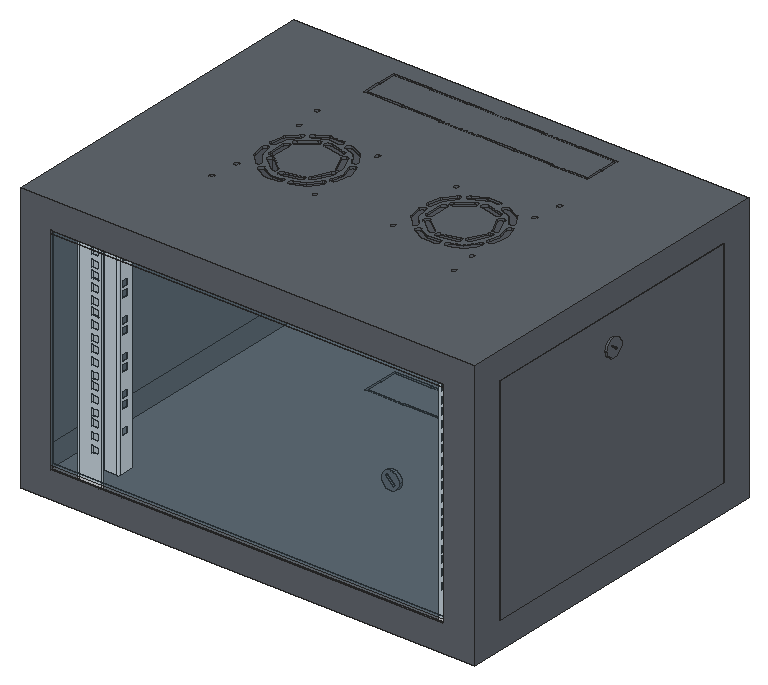
Revit family "Fix wallmount cabinets Legrand Linkeo with removable side panel", category Equipement spécialisé, Revit 2020
Family settings
  Cote de connecteur circulaire = Utiliser le diamètre
  Type d'élément = Normal
  Numéro OmniClass = 23.80.30.11.17
  Titre OmniClass = Distribution Boards and Control Panels
  Basée sur le plan de construction = Non
  Toujours verticalement = Oui
  Couper avec des vides une fois chargée = Non
  Partagée = Oui
  Point de calcul de pièce = Non
Parameters (values of type "Fix wallmount cabinet Legrand Linkeo 6U W600 D450 Flatpack 646250.rfa")
  Y fixation = 152.00 mm
  X fixation = 400.00 mm
  With sidewall = yes
  With roof plate = yes
  With earthing = yes
  Usable width (mm) = 527.00 mm
  Usable height (mm) = 288.00 mm
  Type of ventilation = "Passive"
  Type of surface = "Powder coating"
  Type of profile rail = "L-shaped"
  Rack location = 40.00 mm
  RAL Number = "7016"
  Number of height units = 6
  Number of doors = "1"
  Mounting level = "Front side"
  Modular spacing = "IDS_482.6_MM_19_POUCES"
  Model = "With permanent frame"
  Max load capacity = "18"
  Material = "Steel"
  Legrand part number = "646250"
  Function = "Fix wallmount cabinets Linkeo Legrand"
  E-catalogue link = "https://www.legrand.fr/reference/646250/pro"
  Depth (mm) = 458.00 mm
  Width (mm) = 608.00 mm
  Height (mm) = 359.00 mm
  Thickness (mm) = 1.50 mm
  Elévation par défaut = 0.00 mm
  EAN = "3414970968012"
  Demountable = yes
  Degree of protection IP = "IP20"
  Degree of protection IK = "IK08"
  Color = IDS_GRIS
  BIM wording = "Fix wallmount cabinet Legrand Linkeo 6U W600 D450 Flatpack 646250.rfa"
  Avec porte frontale = yes
  Application class = "Network cabinets"
Reference planes
  plane 1 "Centre (avant/arrière)": y = 4
  plane 2: z = 0
  plane 3 "Centre (gauche/droite)": x = 0
  plane 4: x = 608
  plane 5: z = 359
  plane 6: y = -454
  plane 7: x = 40.5
  plane 8: x = 567.5
  plane 9: x = 304
  plane 10: z = 323.5
  plane 11: z = 35.5
  plane 12: z = 179.5
  plane 13: y = -452
  plane 14: x = 304
  plane 15: y = -444.5
  plane 16: y = 455.094
  plane 17: x = 1428.928
  plane 18: z = -485.313
  plane 19: x = 2466.566
  plane 20: z = 179.5
  plane 21: x = 302.5
  plane 22: z = 103.5
  plane 23: z = 255.5
  plane 24: x = 504
  plane 25: x = 104
  plane 26: x = 304
  plane 27: y = -414
  plane 28: x = 528
  plane 29: y = -412.5
  plane 30: x = 559.5
  plane 31: x = 561
  plane 32: y = -373.5
  plane 33: y = -372
  plane 34: x = 537.5
  plane 35: x = 539
  plane 36: y = -352
  plane 37: z = 46.65
  plane 38: z = 56.15
  plane 39: x = 531.5
  plane 40: x = 541
  plane 41: z = 78.4
  plane 42: z = 87.9
  plane 43: y = -358.486
  plane 44: y = -367.986
  plane 45: z = 72.03
  plane 46: z = 62.53
  plane 47: x = 77
  plane 48: y = -412.5
  plane 49: y = -373.5
  plane 50: y = -372
  plane 51: x = 67.5
  plane 52: x = 66
  plane 53: y = -352
  plane 54: z = 40.5
  plane 55: z = 324
  plane 56: z = 179.5
  plane 57: y = -454
  plane 58: y = -36
  plane 59: z = 35
  plane 60: y = -414
  plane 61 "Panneaux gauche": y = -410.5
  plane 62 "Panneaux droit": y = -39.5
  plane 63 "Panneaux haut": z = 322
  plane 64: z = 282
  plane 65: z = 282
  plane 66: y = -225
  plane 67: y = -225
  plane 68: y = -221
Forms (mm)
  Extrusion 1, solid, material "IDS_GRIS" <- "Color"
    sketch origin (0, 0, 0) x (0, 1, 0) y (0, 0, 1)
      loop
        line (-454, 0) -> (4, 0) -> (4, 359) -> (-454, 359) -> (-454, 0)
    from 0 to 608
  Extrusion 2, void
    sketch origin (0, 4, 0) x (1, 0, 0) y (0, 0, 1)
      loop
        line (2, 357) -> (2, 2) -> (606, 2) -> (606, 357) -> (2, 357)
    from 2 to 456
  Extrusion 3, void
    sketch origin (0, 4, 0) x (1, 0, 0) y (0, 0, 1)
      loop
        line (40.5, 323.5) -> (40.5, 35.5) -> (567.5, 35.5) -> (567.5, 323.5) -> (40.5, 323.5)
    from 0 to 458
  Extrusion 4, solid, material "Verre"
    sketch origin (0, 4, 0) x (1, 0, 0) y (0, 0, 1)
      loop
        line (40.5, 40.5) -> (567.5, 40.5) -> (567.5, 318.5) -> (40.5, 318.5) -> (40.5, 40.5)
    from 453 to 458
  Extrusion 5, solid, material "IDS_GRIS" <- "Color"
    sketch origin (0, 4, 0) x (1, 0, 0) y (0, 0, 1)
      loop
        line (40.5, 318.5) -> (40.5, 40.5) -> (567.5, 40.5) -> (567.5, 318.5) -> (40.5, 318.5)
    from 0 to 5
  Extrusion 6, void
    sketch origin (-365.695, -1524, 359) x (0, -1, 0) y (-1, 0, 0)
      loop
        line (-1350.513, -534.853) -> (-1358.354, -549.371)
        arc (-1358.354, -549.371) -> (-1358.749, -550.408) -> (-1358.863, -551.511) r 4.25
        line (-1358.863, -551.511) -> (-1358.394, -568.003)
        arc (-1358.394, -568.003) -> (-1354.026, -572.132) -> (-1349.897, -567.763) r 4.25
        line (-1349.897, -567.763) -> (-1350.334, -552.408) -> (-1343.033, -538.89)
        arc (-1343.033, -538.89) -> (-1344.755, -533.132) -> (-1350.513, -534.853) r 4.25
      loop
        line (-1354.904, -582.413) -> (-1348.443, -597.593)
        arc (-1348.443, -597.593) -> (-1347.879, -598.55) -> (-1347.086, -599.327) r 4.25
        line (-1347.086, -599.327) -> (-1333.9, -609.243)
        arc (-1333.9, -609.243) -> (-1327.948, -608.402) -> (-1328.79, -602.45) r 4.25
        line (-1328.79, -602.45) -> (-1341.067, -593.218) -> (-1347.082, -579.087)
        arc (-1347.082, -579.087) -> (-1352.657, -576.837) -> (-1354.904, -582.413) r 4.25
      loop
        line (-1346.169, -561.222) -> (-1341.018, -583.429)
        arc (-1341.018, -583.429) -> (-1335.919, -586.613) -> (-1332.738, -581.512) r 4.25
        line (-1332.738, -581.512) -> (-1337.889, -559.301)
        arc (-1337.889, -559.301) -> (-1342.989, -556.121) -> (-1346.169, -561.222) r 4.25
      loop
        line (-1331.58, -595.457) -> (-1311.006, -605.276)
        arc (-1311.006, -605.276) -> (-1305.336, -603.272) -> (-1307.347, -597.604) r 4.25
        line (-1307.347, -597.604) -> (-1327.918, -587.786)
        arc (-1327.918, -587.786) -> (-1333.585, -589.791) -> (-1331.58, -595.457) r 4.25
      loop
        line (-1303.383, -611.418) -> (-1318.185, -607.309)
        arc (-1318.185, -607.309) -> (-1323.416, -610.266) -> (-1320.461, -615.498) r 4.25
        line (-1320.461, -615.498) -> (-1304.557, -619.913)
        arc (-1304.557, -619.913) -> (-1303.461, -620.067) -> (-1302.362, -619.933) r 4.25
        line (-1302.362, -619.933) -> (-1286.384, -615.805)
        arc (-1286.384, -615.805) -> (-1283.332, -610.627) -> (-1288.51, -607.575) r 4.25
        line (-1288.51, -607.575) -> (-1303.383, -611.418)
      loop
        line (-1295.717, -605.396) -> (-1275.215, -595.434)
        arc (-1275.215, -595.434) -> (-1273.245, -589.752) -> (-1278.93, -587.789) r 4.25
        line (-1278.93, -587.789) -> (-1299.432, -597.751)
        arc (-1299.432, -597.751) -> (-1301.397, -603.431) -> (-1295.717, -605.396) r 4.25
      loop
        line (-1258.363, -597.811) -> (-1251.63, -582.747)
        arc (-1251.63, -582.747) -> (-1253.777, -577.132) -> (-1259.391, -579.283) r 4.25
        line (-1259.391, -579.283) -> (-1265.658, -593.302) -> (-1278.099, -602.313)
        arc (-1278.099, -602.313) -> (-1279.048, -608.248) -> (-1273.113, -609.197) r 4.25
        line (-1273.113, -609.197) -> (-1259.754, -599.522)
        arc (-1259.754, -599.522) -> (-1258.946, -598.758) -> (-1258.363, -597.811) r 4.25
      loop
        line (-1265.586, -583.55) -> (-1260.592, -561.312)
        arc (-1260.592, -561.312) -> (-1263.806, -556.231) -> (-1268.885, -559.448) r 4.25
        line (-1268.885, -559.448) -> (-1273.88, -581.692)
        arc (-1273.88, -581.692) -> (-1270.662, -586.771) -> (-1265.586, -583.55) r 4.25
      loop
        line (-1256.301, -552.513) -> (-1257.013, -567.863)
        arc (-1257.013, -567.863) -> (-1252.962, -572.301) -> (-1248.522, -568.252) r 4.25
        line (-1248.522, -568.252) -> (-1247.757, -551.774)
        arc (-1247.757, -551.774) -> (-1247.85, -550.666) -> (-1248.227, -549.621) r 4.25
        line (-1248.227, -549.621) -> (-1255.806, -534.964)
        arc (-1255.806, -534.964) -> (-1261.536, -533.142) -> (-1263.354, -538.873) r 4.25
        line (-1263.354, -538.873) -> (-1256.301, -552.513)
      loop
        line (-1263.875, -546.382) -> (-1278.15, -528.609)
        arc (-1278.15, -528.609) -> (-1284.127, -527.949) -> (-1284.782, -533.927) r 4.25
        line (-1284.782, -533.927) -> (-1270.506, -551.699)
        arc (-1270.506, -551.699) -> (-1264.532, -552.357) -> (-1263.875, -546.382) r 4.25
      loop
        line (-1265.201, -523.497) -> (-1277.606, -512.626)
        arc (-1277.606, -512.626) -> (-1278.527, -512.009) -> (-1279.576, -511.652) r 4.25
        line (-1279.576, -511.652) -> (-1295.774, -508.436)
        arc (-1295.774, -508.436) -> (-1300.766, -511.785) -> (-1297.416, -516.776) r 4.25
        line (-1297.416, -516.776) -> (-1282.356, -519.766) -> (-1270.803, -529.89)
        arc (-1270.803, -529.89) -> (-1264.806, -529.494) -> (-1265.201, -523.497) r 4.25
      loop
        line (-1310.597, -508.634) -> (-1326.831, -511.555)
        arc (-1326.831, -511.555) -> (-1327.888, -511.892) -> (-1328.821, -512.492) r 4.25
        line (-1328.821, -512.492) -> (-1341.424, -523.142)
        arc (-1341.424, -523.142) -> (-1341.927, -529.131) -> (-1335.938, -529.634) r 4.25
        line (-1335.938, -529.634) -> (-1324.205, -519.719) -> (-1309.084, -516.998)
        arc (-1309.084, -516.998) -> (-1305.657, -512.059) -> (-1310.597, -508.634) r 4.25
      loop
        line (-1291.875, -521.865) -> (-1314.672, -521.944)
        arc (-1314.672, -521.944) -> (-1318.91, -526.21) -> (-1314.64, -530.444) r 4.25
        line (-1314.64, -530.444) -> (-1291.846, -530.365)
        arc (-1291.846, -530.365) -> (-1287.611, -526.1) -> (-1291.875, -521.865) r 4.25
      loop
        line (-1328.501, -528.473) -> (-1342.652, -546.345)
        arc (-1342.652, -546.345) -> (-1341.958, -552.316) -> (-1335.988, -551.622) r 4.25
        line (-1335.988, -551.622) -> (-1321.835, -533.747)
        arc (-1321.835, -533.747) -> (-1322.53, -527.775) -> (-1328.501, -528.473) r 4.25
      loop
        line (-1248.227, -759.621) -> (-1255.806, -744.964)
        arc (-1255.806, -744.964) -> (-1261.535, -743.142) -> (-1263.354, -748.873) r 4.25
        line (-1263.354, -748.873) -> (-1256.301, -762.513) -> (-1257.013, -777.862)
        arc (-1257.013, -777.862) -> (-1252.962, -782.301) -> (-1248.522, -778.252) r 4.25
        line (-1248.522, -778.252) -> (-1247.757, -761.774)
        arc (-1247.757, -761.774) -> (-1247.85, -760.666) -> (-1248.227, -759.621) r 4.25
      loop
        line (-1258.363, -807.811) -> (-1251.63, -792.747)
        arc (-1251.63, -792.747) -> (-1253.777, -787.132) -> (-1259.391, -789.283) r 4.25
        line (-1259.391, -789.283) -> (-1265.658, -803.302) -> (-1278.099, -812.313)
        arc (-1278.099, -812.313) -> (-1279.048, -818.248) -> (-1273.113, -819.197) r 4.25
        line (-1273.113, -819.197) -> (-1259.75, -809.519)
        arc (-1259.75, -809.519) -> (-1258.944, -808.756) -> (-1258.363, -807.811) r 4.25
      loop
        line (-1288.506, -817.574) -> (-1303.383, -821.418) -> (-1318.185, -817.309)
        arc (-1318.185, -817.309) -> (-1323.416, -820.264) -> (-1320.464, -825.498) r 4.25
        line (-1320.464, -825.498) -> (-1304.567, -829.911)
        arc (-1304.567, -829.911) -> (-1303.467, -830.067) -> (-1302.365, -829.934) r 4.25
        line (-1302.365, -829.934) -> (-1286.38, -825.804)
        arc (-1286.38, -825.804) -> (-1283.332, -820.627) -> (-1288.506, -817.574) r 4.25
      loop
        line (-1328.79, -812.45) -> (-1341.067, -803.218) -> (-1347.082, -789.087)
        arc (-1347.082, -789.087) -> (-1352.657, -786.837) -> (-1354.904, -792.413) r 4.25
        line (-1354.904, -792.413) -> (-1348.442, -807.595)
        arc (-1348.442, -807.595) -> (-1347.878, -808.55) -> (-1347.086, -809.327) r 4.25
        line (-1347.086, -809.327) -> (-1333.898, -819.244)
        arc (-1333.898, -819.244) -> (-1327.947, -818.401) -> (-1328.79, -812.45) r 4.25
      loop
        line (-1353.399, -777.863) -> (-1353.663, -768.573) -> (-1343.034, -748.892)
        arc (-1343.034, -748.892) -> (-1344.753, -743.134) -> (-1350.511, -744.85) r 4.25
        line (-1350.511, -744.85) -> (-1358.355, -759.373)
        arc (-1358.355, -759.373) -> (-1358.749, -760.409) -> (-1358.863, -761.511) r 4.25
        line (-1358.863, -761.511) -> (-1358.394, -778.002)
        arc (-1358.394, -778.002) -> (-1355.827, -780.431) -> (-1353.399, -777.863) r 2.498
      loop
        line (-1335.935, -739.632) -> (-1324.205, -729.719) -> (-1309.086, -726.999)
        arc (-1309.086, -726.999) -> (-1305.656, -722.064) -> (-1310.589, -718.632) r 4.25
        line (-1310.589, -718.632) -> (-1326.828, -721.554)
        arc (-1326.828, -721.554) -> (-1327.886, -721.891) -> (-1328.821, -722.492) r 4.25
        line (-1328.821, -722.492) -> (-1341.422, -733.14)
        arc (-1341.422, -733.14) -> (-1341.927, -739.131) -> (-1335.935, -739.632) r 4.25
      loop
        line (-1297.423, -726.774) -> (-1282.356, -729.766) -> (-1270.8, -739.892)
        arc (-1270.8, -739.892) -> (-1264.805, -739.493) -> (-1265.201, -733.497) r 4.25
        line (-1265.201, -733.497) -> (-1277.608, -722.625)
        arc (-1277.608, -722.625) -> (-1278.53, -722.008) -> (-1279.581, -721.651) r 4.25
        line (-1279.581, -721.651) -> (-1295.768, -718.437)
        arc (-1295.768, -718.437) -> (-1300.764, -721.778) -> (-1297.423, -726.774) r 4.25
      loop
        line (-1284.782, -743.927) -> (-1270.506, -761.7)
        arc (-1270.506, -761.7) -> (-1264.532, -762.357) -> (-1263.875, -756.382) r 4.25
        line (-1263.875, -756.382) -> (-1278.152, -738.607)
        arc (-1278.152, -738.607) -> (-1284.128, -737.95) -> (-1284.782, -743.927) r 4.25
      loop
        line (-1268.885, -769.449) -> (-1273.88, -791.692)
        arc (-1273.88, -791.692) -> (-1270.662, -796.771) -> (-1265.586, -793.55) r 4.25
        line (-1265.586, -793.55) -> (-1260.591, -771.312)
        arc (-1260.591, -771.312) -> (-1263.806, -766.231) -> (-1268.885, -769.449) r 4.25
      loop
        line (-1278.93, -797.789) -> (-1299.438, -807.754)
        arc (-1299.438, -807.754) -> (-1301.396, -813.434) -> (-1295.717, -815.396) r 4.25
        line (-1295.717, -815.396) -> (-1275.21, -805.432)
        arc (-1275.21, -805.432) -> (-1273.246, -799.749) -> (-1278.93, -797.789) r 4.25
      loop
        line (-1291.875, -731.865) -> (-1314.671, -731.944)
        arc (-1314.671, -731.944) -> (-1318.91, -736.209) -> (-1314.641, -740.444) r 4.25
        line (-1314.641, -740.444) -> (-1291.846, -740.365)
        arc (-1291.846, -740.365) -> (-1287.611, -736.1) -> (-1291.875, -731.865) r 4.25
      loop
        line (-1328.502, -738.474) -> (-1342.652, -756.345)
        arc (-1342.652, -756.345) -> (-1341.958, -762.316) -> (-1335.988, -761.622) r 4.25
        line (-1335.988, -761.622) -> (-1321.835, -743.746)
        arc (-1321.835, -743.746) -> (-1322.531, -737.775) -> (-1328.502, -738.474) r 4.25
      loop
        line (-1346.169, -771.222) -> (-1341.019, -793.428)
        arc (-1341.019, -793.428) -> (-1335.92, -796.613) -> (-1332.738, -791.512) r 4.25
        line (-1332.738, -791.512) -> (-1337.889, -769.301)
        arc (-1337.889, -769.301) -> (-1342.989, -766.121) -> (-1346.169, -771.222) r 4.25
      loop
        line (-1331.58, -805.457) -> (-1311.005, -815.277)
        arc (-1311.005, -815.277) -> (-1305.337, -813.274) -> (-1307.342, -807.607) r 4.25
        line (-1307.342, -807.607) -> (-1327.912, -797.789)
        arc (-1327.912, -797.789) -> (-1333.583, -799.788) -> (-1331.58, -805.457) r 4.25
      loop
        circle (-1391.328, -505.695) r 2.75
      loop
        circle (-1355.83, -510.693) r 2.75
      loop
        circle (-1250.829, -510.693) r 2.75
      loop
        circle (-1215.328, -505.695) r 2.75
      loop
        circle (-1250.828, -615.695) r 2.75
      loop
        circle (-1355.828, -615.695) r 2.75
      loop
        circle (-1355.83, -720.693) r 2.75
      loop
        circle (-1250.828, -720.695) r 2.75
      loop
        circle (-1250.828, -825.695) r 2.75
      loop
        circle (-1215.328, -830.695) r 2.75
      loop
        circle (-1355.828, -825.695) r 2.75
      loop
        circle (-1391.328, -830.695) r 2.75
    from 0 to 2
  Extrusion 7, void
    sketch origin (0, 4, 359) x (1, 0, 0) y (0, -1, 0)
      loop
        line (152.5, 24) -> (201.75, 24) -> (201.75, 27) -> (155.5, 27) -> (155.5, 48.25) -> (152.5, 48.25) -> (152.5, 24)
      loop
        line (452.5, 49.75) -> (452.5, 74) -> (403.25, 74) -> (403.25, 71) -> (449.5, 71) -> (449.5, 49.75) -> (452.5, 49.75)
      loop
        line (403.25, 24) -> (452.5, 24) -> (452.5, 48.25) -> (449.5, 48.25) -> (449.5, 27) -> (403.25, 27) -> (403.25, 24)
      loop
        line (203.25, 71) -> (251.75, 71) -> (251.75, 74) -> (203.25, 74) -> (203.25, 71)
      loop
        line (152.5, 49.75) -> (155.5, 49.75) -> (155.5, 71) -> (201.75, 71) -> (201.75, 74) -> (152.5, 74) -> (152.5, 49.75)
      loop
        line (253.25, 74) -> (253.25, 71) -> (301.75, 71) -> (301.75, 74) -> (253.25, 74)
      loop
        line (351.75, 71) -> (351.75, 74) -> (303.25, 74) -> (303.25, 71) -> (351.75, 71)
      loop
        line (353.25, 74) -> (353.25, 71) -> (401.75, 71) -> (401.75, 74) -> (353.25, 74)
      loop
        line (351.75, 27) -> (303.25, 27) -> (303.25, 24) -> (351.75, 24) -> (351.75, 27)
      loop
        line (353.25, 27) -> (353.25, 24) -> (401.75, 24) -> (401.75, 27) -> (353.25, 27)
      loop
        line (251.75, 27) -> (203.25, 27) -> (203.25, 24) -> (251.75, 24) -> (251.75, 27)
      loop
        line (253.25, 27) -> (253.25, 24) -> (301.75, 24) -> (301.75, 27) -> (253.25, 27)
    from 0 to 2
  Extrusion 8, void
    sketch origin (0, -150, 0) x (1, 0, 0) y (0, 1, 0)
      loop
        line (154, 130) -> (154, 105.75) -> (157, 105.75) -> (157, 127) -> (203.25, 127) -> (203.25, 130) -> (154, 130)
      loop
        line (454, 104.25) -> (451, 104.25) -> (451, 83) -> (404.75, 83) -> (404.75, 80) -> (454, 80) -> (454, 104.25)
      loop
        line (404.75, 130) -> (404.75, 127) -> (451, 127) -> (451, 105.75) -> (454, 105.75) -> (454, 130) -> (404.75, 130)
      loop
        line (204.75, 83) -> (204.75, 80) -> (253.25, 80) -> (253.25, 83) -> (204.75, 83)
      loop
        line (154, 104.25) -> (154, 80) -> (203.25, 80) -> (203.25, 83) -> (157, 83) -> (157, 104.25) -> (154, 104.25)
      loop
        line (254.75, 80) -> (303.25, 80) -> (303.25, 83) -> (254.75, 83) -> (254.75, 80)
      loop
        line (353.25, 83) -> (304.75, 83) -> (304.75, 80) -> (353.25, 80) -> (353.25, 83)
      loop
        line (354.75, 80) -> (403.25, 80) -> (403.25, 83) -> (354.75, 83) -> (354.75, 80)
      loop
        line (353.25, 127) -> (353.25, 130) -> (304.75, 130) -> (304.75, 127) -> (353.25, 127)
      loop
        line (354.75, 127) -> (403.25, 127) -> (403.25, 130) -> (354.75, 130) -> (354.75, 127)
      loop
        line (253.25, 127) -> (253.25, 130) -> (204.75, 130) -> (204.75, 127) -> (253.25, 127)
      loop
        line (254.75, 127) -> (303.25, 127) -> (303.25, 130) -> (254.75, 130) -> (254.75, 127)
    from 0 to 2
  Extrusion 9, void
    sketch origin (0, 4, 0) x (1, 0, 0) y (0, 0, 1)
      loop
        line (108.251, 250.431) -> (108.251, 255.5)
        arc (108.251, 255.5) -> (104, 259.751) -> (99.749, 255.5) r 4.251
        line (99.749, 255.5) -> (99.749, 250.431)
        arc (99.749, 250.431) -> (104, 236.752) -> (108.251, 250.431) r 7.5
      loop
        line (508.251, 250.431) -> (508.251, 255.5)
        arc (508.251, 255.5) -> (504, 259.751) -> (499.749, 255.5) r 4.251
        line (499.749, 255.5) -> (499.749, 250.431)
        arc (499.749, 250.431) -> (504, 236.752) -> (508.251, 250.431) r 7.5
    from -12.009 to 5
  Extrusion 10, solid
    sketch origin (606, 4, 2) x (-1, 0, 0) y (0, -1, 0)
      loop
        line (78, 416.5) -> (78, 418) -> (48, 418)
        arc (48, 418) -> (45.879, 417.121) -> (45, 415) r 3
        line (45, 415) -> (45, 379)
        arc (45, 379) -> (45.879, 376.879) -> (48, 376) r 3
        line (48, 376) -> (65.5, 376)
        arc (65.5, 376) -> (66.561, 375.561) -> (67, 374.5) r 1.5
        line (67, 374.5) -> (67, 356) -> (68.5, 356) -> (68.5, 374.5)
        arc (68.5, 374.5) -> (67.621, 376.621) -> (65.5, 377.5) r 3
        line (65.5, 377.5) -> (48, 377.5)
        arc (48, 377.5) -> (46.939, 377.939) -> (46.5, 379) r 1.5
        line (46.5, 379) -> (46.5, 415)
        arc (46.5, 415) -> (46.939, 416.061) -> (48, 416.5) r 1.5
        line (48, 416.5) -> (78, 416.5)
    from 0 to 355
  Extrusion 11, void
    sketch origin (528, -414, 2) x (-1, 0, 0) y (0, 0, 1)
      loop
        line (-3.5, 44.65) -> (-3.5, 54.15) -> (-13, 54.15) -> (-13, 44.65) -> (-3.5, 44.65)
      loop
        line (-3.5, 76.4) -> (-3.5, 85.9) -> (-13, 85.9) -> (-13, 76.4) -> (-3.5, 76.4)
    from 0 to 1.5
  Extrusion 12, void
    sketch origin (528, -414, 2) x (-1, 0, 0) y (0, 0, 1)
      loop
        line (-3.5, 60.53) -> (-3.5, 70.03) -> (-13, 70.03) -> (-13, 60.53) -> (-3.5, 60.53)
    from 0 to 1.5
  Extrusion 13, solid
    sketch origin (16.243, 4, 2) x (1, 0, 0) y (0, 1, 0)
      loop
        line (60.757, -416.5) -> (30.757, -416.5)
        arc (30.757, -416.5) -> (29.697, -416.061) -> (29.257, -415) r 1.5
        line (29.257, -415) -> (29.257, -379)
        arc (29.257, -379) -> (29.697, -377.939) -> (30.757, -377.5) r 1.5
        line (30.757, -377.5) -> (48.257, -377.5)
        arc (48.257, -377.5) -> (50.379, -376.621) -> (51.257, -374.5) r 3
        line (51.257, -374.5) -> (51.257, -356) -> (49.757, -356) -> (49.757, -374.5)
        arc (49.757, -374.5) -> (49.318, -375.561) -> (48.257, -376) r 1.5
        line (48.257, -376) -> (30.757, -376)
        arc (30.757, -376) -> (28.636, -376.879) -> (27.757, -379) r 3
        line (27.757, -379) -> (27.757, -415)
        arc (27.757, -415) -> (28.636, -417.121) -> (30.757, -418) r 3
        line (30.757, -418) -> (60.757, -418) -> (60.757, -416.5)
    from 0 to 355
  Extrusion 14, void, not visible
    sketch origin (0, 4, 94.83) x (0, 0, -1) y (1, 0, 0)
      loop
        line (-56.37, 452.5) -> (-80.62, 452.5) -> (-80.62, 449.5) -> (-59.37, 449.5) -> (-59.37, 403.25) -> (-56.37, 403.25) -> (-56.37, 452.5)
      loop
        line (-106.37, 403.25) -> (-103.37, 403.25) -> (-103.37, 449.5) -> (-82.12, 449.5) -> (-82.12, 452.5) -> (-106.37, 452.5) -> (-106.37, 403.25)
      loop
        line (-106.37, 401.75) -> (-106.37, 353.25) -> (-103.37, 353.25) -> (-103.37, 401.75) -> (-106.37, 401.75)
      loop
        line (-106.37, 351.75) -> (-106.37, 303.25) -> (-103.37, 303.25) -> (-103.37, 351.75) -> (-106.37, 351.75)
      loop
        line (-106.37, 301.75) -> (-106.37, 253.25) -> (-103.37, 253.25) -> (-103.37, 301.75) -> (-106.37, 301.75)
      loop
        line (-106.37, 251.75) -> (-106.37, 203.25) -> (-103.37, 203.25) -> (-103.37, 251.75) -> (-106.37, 251.75)
      loop
        line (-106.37, 201.75) -> (-106.37, 152.5) -> (-82.12, 152.5) -> (-82.12, 155.5) -> (-103.37, 155.5) -> (-103.37, 201.75) -> (-106.37, 201.75)
      loop
        line (-80.62, 152.5) -> (-56.37, 152.5) -> (-56.37, 201.75) -> (-59.37, 201.75) -> (-59.37, 155.5) -> (-80.62, 155.5) -> (-80.62, 152.5)
      loop
        line (-56.37, 203.25) -> (-56.37, 251.75) -> (-59.37, 251.75) -> (-59.37, 203.25) -> (-56.37, 203.25)
      loop
        line (-56.37, 253.25) -> (-56.37, 301.75) -> (-59.37, 301.75) -> (-59.37, 253.25) -> (-56.37, 253.25)
      loop
        line (-56.37, 351.75) -> (-59.37, 351.75) -> (-59.37, 303.25) -> (-56.37, 303.25) -> (-56.37, 351.75)
      loop
        line (-56.37, 353.25) -> (-56.37, 401.75) -> (-59.37, 401.75) -> (-59.37, 353.25) -> (-56.37, 353.25)
    from 0 to 5
  Extrusion 15, void
    sketch origin (0, 4, -152) x (1, 0, 0) y (0, 0, 1)
      loop
        line (108.251, 250.431) -> (108.251, 255.5)
        arc (108.251, 255.5) -> (104, 259.751) -> (99.749, 255.5) r 4.251
        line (99.749, 255.5) -> (99.749, 250.431)
        arc (99.749, 250.431) -> (104, 235.835) -> (108.251, 250.431) r 7.917
      loop
        line (508.251, 250.431) -> (508.251, 255.5)
        arc (508.251, 255.5) -> (504, 259.751) -> (499.749, 255.5) r 4.251
        line (499.749, 255.5) -> (499.749, 250.431)
        arc (499.749, 250.431) -> (504, 235.835) -> (508.251, 250.431) r 7.917
    from -12.009 to 5
  Extrusion 16, void
    sketch origin (60.5, -414, 2) x (-1, 0, 0) y (0, 0, 1)
      loop
        line (-3.5, 44.65) -> (-3.5, 54.15) -> (-13, 54.15) -> (-13, 44.65) -> (-3.5, 44.65)
      loop
        line (-3.5, 76.4) -> (-3.5, 85.9) -> (-13, 85.9) -> (-13, 76.4) -> (-3.5, 76.4)
    from 0 to 1.5
  Extrusion 17, void
    sketch origin (60.5, -414, 2) x (-1, 0, 0) y (0, 0, 1)
      loop
        line (-3.5, 60.53) -> (-3.5, 70.03) -> (-13, 70.03) -> (-13, 60.53) -> (-3.5, 60.53)
    from 0 to 1.5
  Extrusion 18, void, not visible
    sketch origin (528, -414, 2) x (-1, 0, 0) y (0, 0, 1)
      loop
        line (-3.5, 44.65) -> (-3.5, 54.15) -> (-13, 54.15) -> (-13, 44.65) -> (-3.5, 44.65)
      loop
        line (-3.5, 76.4) -> (-3.5, 85.9) -> (-13, 85.9) -> (-13, 76.4) -> (-3.5, 76.4)
    from 0 to 1.5
  Extrusion 19, void, not visible
    sketch origin (528, -414, 2) x (-1, 0, 0) y (0, 0, 1)
      loop
        line (-3.5, 60.53) -> (-3.5, 70.03) -> (-13, 70.03) -> (-13, 60.53) -> (-3.5, 60.53)
    from 0 to 1.5
  Extrusion 20, void
    sketch origin (528, -414, 46.45) x (-1, 0, 0) y (0, 0, 1)
      loop
        line (-3.5, 44.65) -> (-3.5, 54.15) -> (-13, 54.15) -> (-13, 44.65) -> (-3.5, 44.65)
      loop
        line (-3.5, 76.4) -> (-3.5, 85.9) -> (-13, 85.9) -> (-13, 76.4) -> (-3.5, 76.4)
    from 0 to 1.5
  Extrusion 21, void
    sketch origin (528, -414, 46.45) x (-1, 0, 0) y (0, 0, 1)
      loop
        line (-3.5, 60.53) -> (-3.5, 70.03) -> (-13, 70.03) -> (-13, 60.53) -> (-3.5, 60.53)
    from 0 to 1.5
  Extrusion 22, void
    sketch origin (60.5, -414, 46.45) x (-1, 0, 0) y (0, 0, 1)
      loop
        line (-3.5, 44.65) -> (-3.5, 54.15) -> (-13, 54.15) -> (-13, 44.65) -> (-3.5, 44.65)
      loop
        line (-3.5, 76.4) -> (-3.5, 85.9) -> (-13, 85.9) -> (-13, 76.4) -> (-3.5, 76.4)
    from 0 to 1.5
  Extrusion 23, void
    sketch origin (60.5, -414, 46.45) x (-1, 0, 0) y (0, 0, 1)
      loop
        line (-3.5, 60.53) -> (-3.5, 70.03) -> (-13, 70.03) -> (-13, 60.53) -> (-3.5, 60.53)
    from 0 to 1.5
  Extrusion 24, void
    sketch origin (528, -414, 90.9) x (-1, 0, 0) y (0, 0, 1)
      loop
        line (-3.5, 44.65) -> (-3.5, 54.15) -> (-13, 54.15) -> (-13, 44.65) -> (-3.5, 44.65)
      loop
        line (-3.5, 76.4) -> (-3.5, 85.9) -> (-13, 85.9) -> (-13, 76.4) -> (-3.5, 76.4)
    from 0 to 1.5
  Extrusion 25, void
    sketch origin (528, -414, 90.9) x (-1, 0, 0) y (0, 0, 1)
      loop
        line (-3.5, 60.53) -> (-3.5, 70.03) -> (-13, 70.03) -> (-13, 60.53) -> (-3.5, 60.53)
    from 0 to 1.5
  Extrusion 26, void
    sketch origin (60.5, -414, 90.9) x (-1, 0, 0) y (0, 0, 1)
      loop
        line (-3.5, 44.65) -> (-3.5, 54.15) -> (-13, 54.15) -> (-13, 44.65) -> (-3.5, 44.65)
      loop
        line (-3.5, 76.4) -> (-3.5, 85.9) -> (-13, 85.9) -> (-13, 76.4) -> (-3.5, 76.4)
    from 0 to 1.5
  Extrusion 27, void
    sketch origin (60.5, -414, 90.9) x (-1, 0, 0) y (0, 0, 1)
      loop
        line (-3.5, 60.53) -> (-3.5, 70.03) -> (-13, 70.03) -> (-13, 60.53) -> (-3.5, 60.53)
    from 0 to 1.5
  Extrusion 28, void
    sketch origin (528, -414, 135.35) x (-1, 0, 0) y (0, 0, 1)
      loop
        line (-3.5, 44.65) -> (-3.5, 54.15) -> (-13, 54.15) -> (-13, 44.65) -> (-3.5, 44.65)
      loop
        line (-3.5, 76.4) -> (-3.5, 85.9) -> (-13, 85.9) -> (-13, 76.4) -> (-3.5, 76.4)
    from 0 to 1.5
  Extrusion 29, void
    sketch origin (528, -414, 135.35) x (-1, 0, 0) y (0, 0, 1)
      loop
        line (-3.5, 60.53) -> (-3.5, 70.03) -> (-13, 70.03) -> (-13, 60.53) -> (-3.5, 60.53)
    from 0 to 1.5
  Extrusion 30, void
    sketch origin (60.5, -414, 135.35) x (-1, 0, 0) y (0, 0, 1)
      loop
        line (-3.5, 44.65) -> (-3.5, 54.15) -> (-13, 54.15) -> (-13, 44.65) -> (-3.5, 44.65)
      loop
        line (-3.5, 76.4) -> (-3.5, 85.9) -> (-13, 85.9) -> (-13, 76.4) -> (-3.5, 76.4)
    from 0 to 1.5
  Extrusion 31, void
    sketch origin (60.5, -414, 135.35) x (-1, 0, 0) y (0, 0, 1)
      loop
        line (-3.5, 60.53) -> (-3.5, 70.03) -> (-13, 70.03) -> (-13, 60.53) -> (-3.5, 60.53)
    from 0 to 1.5
  Extrusion 32, void
    sketch origin (528, -414, 179.8) x (-1, 0, 0) y (0, 0, 1)
      loop
        line (-3.5, 44.65) -> (-3.5, 54.15) -> (-13, 54.15) -> (-13, 44.65) -> (-3.5, 44.65)
      loop
        line (-3.5, 76.4) -> (-3.5, 85.9) -> (-13, 85.9) -> (-13, 76.4) -> (-3.5, 76.4)
    from 0 to 1.5
  Extrusion 33, void
    sketch origin (528, -414, 179.8) x (-1, 0, 0) y (0, 0, 1)
      loop
        line (-3.5, 60.53) -> (-3.5, 70.03) -> (-13, 70.03) -> (-13, 60.53) -> (-3.5, 60.53)
    from 0 to 1.5
  Extrusion 34, void
    sketch origin (60.5, -414, 179.8) x (-1, 0, 0) y (0, 0, 1)
      loop
        line (-3.5, 44.65) -> (-3.5, 54.15) -> (-13, 54.15) -> (-13, 44.65) -> (-3.5, 44.65)
      loop
        line (-3.5, 76.4) -> (-3.5, 85.9) -> (-13, 85.9) -> (-13, 76.4) -> (-3.5, 76.4)
    from 0 to 1.5
  Extrusion 35, void
    sketch origin (60.5, -414, 179.8) x (-1, 0, 0) y (0, 0, 1)
      loop
        line (-3.5, 60.53) -> (-3.5, 70.03) -> (-13, 70.03) -> (-13, 60.53) -> (-3.5, 60.53)
    from 0 to 1.5
  Extrusion 36, void
    sketch origin (528, -414, 224.25) x (-1, 0, 0) y (0, 0, 1)
      loop
        line (-3.5, 44.65) -> (-3.5, 54.15) -> (-13, 54.15) -> (-13, 44.65) -> (-3.5, 44.65)
      loop
        line (-3.5, 76.4) -> (-3.5, 85.9) -> (-13, 85.9) -> (-13, 76.4) -> (-3.5, 76.4)
    from 0 to 1.5
  Extrusion 37, void
    sketch origin (528, -414, 224.25) x (-1, 0, 0) y (0, 0, 1)
      loop
        line (-3.5, 60.53) -> (-3.5, 70.03) -> (-13, 70.03) -> (-13, 60.53) -> (-3.5, 60.53)
    from 0 to 1.5
  Extrusion 38, void
    sketch origin (60.5, -414, 224.25) x (-1, 0, 0) y (0, 0, 1)
      loop
        line (-3.5, 44.65) -> (-3.5, 54.15) -> (-13, 54.15) -> (-13, 44.65) -> (-3.5, 44.65)
      loop
        line (-3.5, 76.4) -> (-3.5, 85.9) -> (-13, 85.9) -> (-13, 76.4) -> (-3.5, 76.4)
    from 0 to 1.5
  Extrusion 39, void
    sketch origin (60.5, -414, 224.25) x (-1, 0, 0) y (0, 0, 1)
      loop
        line (-3.5, 60.53) -> (-3.5, 70.03) -> (-13, 70.03) -> (-13, 60.53) -> (-3.5, 60.53)
    from 0 to 1.5
  Extrusion 40, void
    sketch origin (0, 0, 0) x (0, 1, 0) y (0, 0, 1)
      loop
        line (-367.986, 87.9) -> (-367.986, 78.4) -> (-358.486, 78.4) -> (-358.486, 87.9) -> (-367.986, 87.9)
    from 539 to 66
  Extrusion 41, void
    sketch origin (0, 0, -31.75) x (0, 1, 0) y (0, 0, 1)
      loop
        line (-367.986, 87.9) -> (-367.986, 78.4) -> (-358.486, 78.4) -> (-358.486, 87.9) -> (-367.986, 87.9)
    from 539 to 66
  Extrusion 42, void
    sketch origin (0, 0, 44.45) x (0, 1, 0) y (0, 0, 1)
      loop
        line (-367.986, 87.9) -> (-367.986, 78.4) -> (-358.486, 78.4) -> (-358.486, 87.9) -> (-367.986, 87.9)
    from 539 to 66
  Extrusion 43, void
    sketch origin (0, 0, 12.7) x (0, 1, 0) y (0, 0, 1)
      loop
        line (-367.986, 87.9) -> (-367.986, 78.4) -> (-358.486, 78.4) -> (-358.486, 87.9) -> (-367.986, 87.9)
    from 539 to 66
  Extrusion 44, void
    sketch origin (0, 0, 88.9) x (0, 1, 0) y (0, 0, 1)
      loop
        line (-367.986, 87.9) -> (-367.986, 78.4) -> (-358.486, 78.4) -> (-358.486, 87.9) -> (-367.986, 87.9)
    from 539 to 66
  Extrusion 45, void
    sketch origin (0, 0, 57.15) x (0, 1, 0) y (0, 0, 1)
      loop
        line (-367.986, 87.9) -> (-367.986, 78.4) -> (-358.486, 78.4) -> (-358.486, 87.9) -> (-367.986, 87.9)
    from 539 to 66
  Extrusion 46, void
    sketch origin (0, 0, 133.35) x (0, 1, 0) y (0, 0, 1)
      loop
        line (-367.986, 87.9) -> (-367.986, 78.4) -> (-358.486, 78.4) -> (-358.486, 87.9) -> (-367.986, 87.9)
    from 539 to 66
  Extrusion 47, void
    sketch origin (0, 0, 101.6) x (0, 1, 0) y (0, 0, 1)
      loop
        line (-367.986, 87.9) -> (-367.986, 78.4) -> (-358.486, 78.4) -> (-358.486, 87.9) -> (-367.986, 87.9)
    from 539 to 66
  Extrusion 48, void
    sketch origin (0, 0, 177.8) x (0, 1, 0) y (0, 0, 1)
      loop
        line (-367.986, 87.9) -> (-367.986, 78.4) -> (-358.486, 78.4) -> (-358.486, 87.9) -> (-367.986, 87.9)
    from 539 to 66
  Extrusion 49, void
    sketch origin (0, 0, 146.05) x (0, 1, 0) y (0, 0, 1)
      loop
        line (-367.986, 87.9) -> (-367.986, 78.4) -> (-358.486, 78.4) -> (-358.486, 87.9) -> (-367.986, 87.9)
    from 539 to 66
  Extrusion 50, void
    sketch origin (0, 0, 222.25) x (0, 1, 0) y (0, 0, 1)
      loop
        line (-367.986, 87.9) -> (-367.986, 78.4) -> (-358.486, 78.4) -> (-358.486, 87.9) -> (-367.986, 87.9)
    from 539 to 66
  Extrusion 51, void
    sketch origin (0, 0, 190.5) x (0, 1, 0) y (0, 0, 1)
      loop
        line (-367.986, 87.9) -> (-367.986, 78.4) -> (-358.486, 78.4) -> (-358.486, 87.9) -> (-367.986, 87.9)
    from 539 to 66
  Extrusion 52, void
    sketch origin (0, 4, 0) x (0, 0, -1) y (1, 0, 0)
      loop
        line (-56.37, 452.5) -> (-80.62, 452.5) -> (-80.62, 449.5) -> (-59.37, 449.5) -> (-59.37, 403.25) -> (-56.37, 403.25) -> (-56.37, 452.5)
      loop
        line (-106.37, 403.25) -> (-103.37, 403.25) -> (-103.37, 449.5) -> (-82.12, 449.5) -> (-82.12, 452.5) -> (-106.37, 452.5) -> (-106.37, 403.25)
      loop
        line (-106.37, 401.75) -> (-106.37, 353.25) -> (-103.37, 353.25) -> (-103.37, 401.75) -> (-106.37, 401.75)
      loop
        line (-106.37, 351.75) -> (-106.37, 303.25) -> (-103.37, 303.25) -> (-103.37, 351.75) -> (-106.37, 351.75)
      loop
        line (-106.37, 301.75) -> (-106.37, 253.25) -> (-103.37, 253.25) -> (-103.37, 301.75) -> (-106.37, 301.75)
      loop
        line (-106.37, 251.75) -> (-106.37, 203.25) -> (-103.37, 203.25) -> (-103.37, 251.75) -> (-106.37, 251.75)
      loop
        line (-106.37, 201.75) -> (-106.37, 152.5) -> (-82.12, 152.5) -> (-82.12, 155.5) -> (-103.37, 155.5) -> (-103.37, 201.75) -> (-106.37, 201.75)
      loop
        line (-80.62, 152.5) -> (-56.37, 152.5) -> (-56.37, 201.75) -> (-59.37, 201.75) -> (-59.37, 155.5) -> (-80.62, 155.5) -> (-80.62, 152.5)
      loop
        line (-56.37, 203.25) -> (-56.37, 251.75) -> (-59.37, 251.75) -> (-59.37, 203.25) -> (-56.37, 203.25)
      loop
        line (-56.37, 253.25) -> (-56.37, 301.75) -> (-59.37, 301.75) -> (-59.37, 253.25) -> (-56.37, 253.25)
      loop
        line (-56.37, 351.75) -> (-59.37, 351.75) -> (-59.37, 303.25) -> (-56.37, 303.25) -> (-56.37, 351.75)
      loop
        line (-56.37, 353.25) -> (-56.37, 401.75) -> (-59.37, 401.75) -> (-59.37, 353.25) -> (-56.37, 353.25)
    from 0 to 5
  Extrusion 53, solid, material "IDS_GRIS"
    sketch origin (-146.117, -446.068, -292.029) x (1, 0, 0) y (0, 0, 1)
      loop
        circle (638.746, 471.529) r 12
    from 0 to 4
  Extrusion 54, void
    sketch origin (-145.497, -450.068, -292.194) x (-1, 0, 0) y (0, 0, 1)
      loop
        line (-631.856, 476.03) -> (-633.789, 477.963) -> (-644.395, 467.357) -> (-642.463, 465.424) -> (-631.856, 476.03)
    from 0 to 2
  Extrusion 55, solid, material "IDS_GRIS", not visible
    sketch origin (50.552, -446.068, -159.029) x (1, 0, 0) y (0, 0, 1)
      loop
        circle (638.746, 471.529) r 12
    from 0 to 4
  Extrusion 56, void, not visible
    sketch origin (51.172, -450.068, -159.194) x (-1, 0, 0) y (0, 0, 1)
      loop
        line (-631.856, 476.03) -> (-633.789, 477.963) -> (-644.395, 467.357) -> (-642.463, 465.424) -> (-631.856, 476.03)
    from 0 to 2
  Extrusion 57, void
    sketch origin (0, 0, 0) x (0, 1, 0) y (0, 0, 1)
      loop
        line (-414, 35) -> (-36, 35) -> (-36, 324) -> (-414, 324) -> (-414, 35)
    from 0 to 608
  Extrusion 58, solid, material "IDS_GRIS" <- "Color"
    sketch origin (0, 0, 0) x (0, 1, 0) y (0, 0, 1)
      loop
        line (-410.5, 35) -> (-39.5, 35) -> (-39.5, 322) -> (-410.5, 322) -> (-410.5, 35)
    from 0 to 5
  Extrusion 59, solid, material "IDS_GRIS" <- "Color"
    sketch origin (608, -1989, -280.87) x (0, 0, -1) y (0, -1, 0)
      loop
        line (-315.87, -1578.5) -> (-602.87, -1578.5) -> (-602.87, -1949.5) -> (-315.87, -1949.5) -> (-315.87, -1578.5)
    from 0 to 5
  Extrusion 60, solid, material "IDS_GRIS" <- "Color", not visible
    sketch origin (0, 411.746, -178.488) x (0, -1, 0) y (0, 0, 1)
      loop
        circle (638.746, 471.529) r 12
    from 0 to 4
  Extrusion 61, void, not visible
    sketch origin (-4, 411.126, -178.653) x (0, 1, 0) y (0, 0, 1)
      loop
        line (-631.856, 476.03) -> (-633.789, 477.963) -> (-644.395, 467.357) -> (-642.463, 465.424) -> (-631.856, 476.03)
    from 0 to 2
  Extrusion 62, solid, material "IDS_GRIS" <- "Color"
    sketch origin (0, 413.746, -189.529) x (0, -1, 0) y (0, 0, 1)
      loop
        circle (638.746, 471.529) r 12
    from 0 to 4
  Extrusion 63, void
    sketch origin (-4, 413.126, -189.694) x (0, 1, 0) y (0, 0, 1)
      loop
        line (-631.856, 476.03) -> (-633.789, 477.963) -> (-644.395, 467.357) -> (-642.463, 465.424) -> (-631.856, 476.03)
    from 0 to 2
  Extrusion 64, solid, material "IDS_GRIS" <- "Color"
    sketch origin (608, -863.746, -189.529) x (0, 1, 0) y (0, 0, 1)
      loop
        circle (638.746, 471.529) r 12
    from 0 to 4
  Extrusion 65, void
    sketch origin (612, -863.126, -189.694) x (0, -1, 0) y (0, 0, 1)
      loop
        line (-631.856, 476.03) -> (-633.789, 477.963) -> (-644.395, 467.357) -> (-642.463, 465.424) -> (-631.856, 476.03)
    from 0 to 2
  Extrusion 66, solid, material "IDS_GRIS" <- "Color", not visible
    sketch origin (661, -865.746, -189.529) x (0, 1, 0) y (0, 0, 1)
      loop
        circle (638.746, 471.529) r 12
    from 0 to 4
  Extrusion 67, void, not visible
    sketch origin (665, -865.126, -189.694) x (0, -1, 0) y (0, 0, 1)
      loop
        line (-631.856, 476.03) -> (-633.789, 477.963) -> (-644.395, 467.357) -> (-642.463, 465.424) -> (-631.856, 476.03)
    from 0 to 2
  Extrusion 68, void, not visible
    sketch origin (-365.695, -1649.078, 625) x (0, -1, 0) y (-1, 0, 0)
      loop
        line (-1350.513, -534.853) -> (-1358.354, -549.371)
        arc (-1358.354, -549.371) -> (-1358.749, -550.408) -> (-1358.863, -551.511) r 4.25
        line (-1358.863, -551.511) -> (-1358.394, -568.003)
        arc (-1358.394, -568.003) -> (-1354.026, -572.132) -> (-1349.897, -567.763) r 4.25
        line (-1349.897, -567.763) -> (-1350.334, -552.408) -> (-1343.033, -538.89)
        arc (-1343.033, -538.89) -> (-1344.755, -533.132) -> (-1350.513, -534.853) r 4.25
      loop
        line (-1354.904, -582.413) -> (-1348.443, -597.593)
        arc (-1348.443, -597.593) -> (-1347.879, -598.55) -> (-1347.086, -599.327) r 4.25
        line (-1347.086, -599.327) -> (-1333.9, -609.243)
        arc (-1333.9, -609.243) -> (-1327.948, -608.402) -> (-1328.79, -602.45) r 4.25
        line (-1328.79, -602.45) -> (-1341.067, -593.218) -> (-1347.082, -579.087)
        arc (-1347.082, -579.087) -> (-1352.657, -576.837) -> (-1354.904, -582.413) r 4.25
      loop
        line (-1346.169, -561.222) -> (-1341.018, -583.429)
        arc (-1341.018, -583.429) -> (-1335.919, -586.613) -> (-1332.738, -581.512) r 4.25
        line (-1332.738, -581.512) -> (-1337.889, -559.301)
        arc (-1337.889, -559.301) -> (-1342.989, -556.121) -> (-1346.169, -561.222) r 4.25
      loop
        line (-1331.58, -595.457) -> (-1311.006, -605.276)
        arc (-1311.006, -605.276) -> (-1305.336, -603.272) -> (-1307.347, -597.604) r 4.25
        line (-1307.347, -597.604) -> (-1327.918, -587.786)
        arc (-1327.918, -587.786) -> (-1333.585, -589.791) -> (-1331.58, -595.457) r 4.25
      loop
        line (-1303.383, -611.418) -> (-1318.185, -607.309)
        arc (-1318.185, -607.309) -> (-1323.416, -610.266) -> (-1320.461, -615.498) r 4.25
        line (-1320.461, -615.498) -> (-1304.557, -619.913)
        arc (-1304.557, -619.913) -> (-1303.461, -620.067) -> (-1302.362, -619.933) r 4.25
        line (-1302.362, -619.933) -> (-1286.384, -615.805)
        arc (-1286.384, -615.805) -> (-1283.332, -610.627) -> (-1288.51, -607.575) r 4.25
        line (-1288.51, -607.575) -> (-1303.383, -611.418)
      loop
        line (-1295.717, -605.396) -> (-1275.215, -595.434)
        arc (-1275.215, -595.434) -> (-1273.245, -589.752) -> (-1278.93, -587.789) r 4.25
        line (-1278.93, -587.789) -> (-1299.432, -597.751)
        arc (-1299.432, -597.751) -> (-1301.397, -603.431) -> (-1295.717, -605.396) r 4.25
      loop
        line (-1258.363, -597.811) -> (-1251.63, -582.747)
        arc (-1251.63, -582.747) -> (-1253.777, -577.132) -> (-1259.391, -579.283) r 4.25
        line (-1259.391, -579.283) -> (-1265.658, -593.302) -> (-1278.099, -602.313)
        arc (-1278.099, -602.313) -> (-1279.048, -608.248) -> (-1273.113, -609.197) r 4.25
        line (-1273.113, -609.197) -> (-1259.754, -599.522)
        arc (-1259.754, -599.522) -> (-1258.946, -598.758) -> (-1258.363, -597.811) r 4.25
      loop
        line (-1265.586, -583.55) -> (-1260.592, -561.312)
        arc (-1260.592, -561.312) -> (-1263.806, -556.231) -> (-1268.885, -559.448) r 4.25
        line (-1268.885, -559.448) -> (-1273.88, -581.692)
        arc (-1273.88, -581.692) -> (-1270.662, -586.771) -> (-1265.586, -583.55) r 4.25
      loop
        line (-1256.301, -552.513) -> (-1257.013, -567.863)
        arc (-1257.013, -567.863) -> (-1252.962, -572.301) -> (-1248.522, -568.252) r 4.25
        line (-1248.522, -568.252) -> (-1247.757, -551.774)
        arc (-1247.757, -551.774) -> (-1247.85, -550.666) -> (-1248.227, -549.621) r 4.25
        line (-1248.227, -549.621) -> (-1255.806, -534.964)
        arc (-1255.806, -534.964) -> (-1261.536, -533.142) -> (-1263.354, -538.873) r 4.25
        line (-1263.354, -538.873) -> (-1256.301, -552.513)
      loop
        line (-1263.875, -546.382) -> (-1278.15, -528.609)
        arc (-1278.15, -528.609) -> (-1284.127, -527.949) -> (-1284.782, -533.927) r 4.25
        line (-1284.782, -533.927) -> (-1270.506, -551.699)
        arc (-1270.506, -551.699) -> (-1264.532, -552.357) -> (-1263.875, -546.382) r 4.25
      loop
        line (-1265.201, -523.497) -> (-1277.606, -512.626)
        arc (-1277.606, -512.626) -> (-1278.527, -512.009) -> (-1279.576, -511.652) r 4.25
        line (-1279.576, -511.652) -> (-1295.774, -508.436)
        arc (-1295.774, -508.436) -> (-1300.766, -511.785) -> (-1297.416, -516.776) r 4.25
        line (-1297.416, -516.776) -> (-1282.356, -519.766) -> (-1270.803, -529.89)
        arc (-1270.803, -529.89) -> (-1264.806, -529.494) -> (-1265.201, -523.497) r 4.25
      loop
        line (-1310.597, -508.634) -> (-1326.831, -511.555)
        arc (-1326.831, -511.555) -> (-1327.888, -511.892) -> (-1328.821, -512.492) r 4.25
        line (-1328.821, -512.492) -> (-1341.424, -523.142)
        arc (-1341.424, -523.142) -> (-1341.927, -529.131) -> (-1335.938, -529.634) r 4.25
        line (-1335.938, -529.634) -> (-1324.205, -519.719) -> (-1309.084, -516.998)
        arc (-1309.084, -516.998) -> (-1305.657, -512.059) -> (-1310.597, -508.634) r 4.25
      loop
        line (-1291.875, -521.865) -> (-1314.672, -521.944)
        arc (-1314.672, -521.944) -> (-1318.91, -526.21) -> (-1314.64, -530.444) r 4.25
        line (-1314.64, -530.444) -> (-1291.846, -530.365)
        arc (-1291.846, -530.365) -> (-1287.611, -526.1) -> (-1291.875, -521.865) r 4.25
      loop
        line (-1328.501, -528.473) -> (-1342.652, -546.345)
        arc (-1342.652, -546.345) -> (-1341.958, -552.316) -> (-1335.988, -551.622) r 4.25
        line (-1335.988, -551.622) -> (-1321.835, -533.747)
        arc (-1321.835, -533.747) -> (-1322.53, -527.775) -> (-1328.501, -528.473) r 4.25
      loop
        line (-1248.227, -759.621) -> (-1255.806, -744.964)
        arc (-1255.806, -744.964) -> (-1261.535, -743.142) -> (-1263.354, -748.873) r 4.25
        line (-1263.354, -748.873) -> (-1256.301, -762.513) -> (-1257.013, -777.862)
        arc (-1257.013, -777.862) -> (-1252.962, -782.301) -> (-1248.522, -778.252) r 4.25
        line (-1248.522, -778.252) -> (-1247.757, -761.774)
        arc (-1247.757, -761.774) -> (-1247.85, -760.666) -> (-1248.227, -759.621) r 4.25
      loop
        line (-1258.363, -807.811) -> (-1251.63, -792.747)
        arc (-1251.63, -792.747) -> (-1253.777, -787.132) -> (-1259.391, -789.283) r 4.25
        line (-1259.391, -789.283) -> (-1265.658, -803.302) -> (-1278.099, -812.313)
        arc (-1278.099, -812.313) -> (-1279.048, -818.248) -> (-1273.113, -819.197) r 4.25
        line (-1273.113, -819.197) -> (-1259.75, -809.519)
        arc (-1259.75, -809.519) -> (-1258.944, -808.756) -> (-1258.363, -807.811) r 4.25
      loop
        line (-1288.506, -817.574) -> (-1303.383, -821.418) -> (-1318.185, -817.309)
        arc (-1318.185, -817.309) -> (-1323.416, -820.264) -> (-1320.464, -825.498) r 4.25
        line (-1320.464, -825.498) -> (-1304.567, -829.911)
        arc (-1304.567, -829.911) -> (-1303.467, -830.067) -> (-1302.365, -829.934) r 4.25
        line (-1302.365, -829.934) -> (-1286.38, -825.804)
        arc (-1286.38, -825.804) -> (-1283.332, -820.627) -> (-1288.506, -817.574) r 4.25
      loop
        line (-1328.79, -812.45) -> (-1341.067, -803.218) -> (-1347.082, -789.087)
        arc (-1347.082, -789.087) -> (-1352.657, -786.837) -> (-1354.904, -792.413) r 4.25
        line (-1354.904, -792.413) -> (-1348.442, -807.595)
        arc (-1348.442, -807.595) -> (-1347.878, -808.55) -> (-1347.086, -809.327) r 4.25
        line (-1347.086, -809.327) -> (-1333.898, -819.244)
        arc (-1333.898, -819.244) -> (-1327.947, -818.401) -> (-1328.79, -812.45) r 4.25
      loop
        line (-1353.399, -777.863) -> (-1353.663, -768.573) -> (-1343.034, -748.892)
        arc (-1343.034, -748.892) -> (-1344.753, -743.134) -> (-1350.511, -744.85) r 4.25
        line (-1350.511, -744.85) -> (-1358.355, -759.373)
        arc (-1358.355, -759.373) -> (-1358.749, -760.409) -> (-1358.863, -761.511) r 4.25
        line (-1358.863, -761.511) -> (-1358.394, -778.002)
        arc (-1358.394, -778.002) -> (-1355.827, -780.431) -> (-1353.399, -777.863) r 2.498
      loop
        line (-1335.935, -739.632) -> (-1324.205, -729.719) -> (-1309.086, -726.999)
        arc (-1309.086, -726.999) -> (-1305.656, -722.064) -> (-1310.589, -718.632) r 4.25
        line (-1310.589, -718.632) -> (-1326.828, -721.554)
        arc (-1326.828, -721.554) -> (-1327.886, -721.891) -> (-1328.821, -722.492) r 4.25
        line (-1328.821, -722.492) -> (-1341.422, -733.14)
        arc (-1341.422, -733.14) -> (-1341.927, -739.131) -> (-1335.935, -739.632) r 4.25
      loop
        line (-1297.423, -726.774) -> (-1282.356, -729.766) -> (-1270.8, -739.892)
        arc (-1270.8, -739.892) -> (-1264.805, -739.493) -> (-1265.201, -733.497) r 4.25
        line (-1265.201, -733.497) -> (-1277.608, -722.625)
        arc (-1277.608, -722.625) -> (-1278.53, -722.008) -> (-1279.581, -721.651) r 4.25
        line (-1279.581, -721.651) -> (-1295.768, -718.437)
        arc (-1295.768, -718.437) -> (-1300.764, -721.778) -> (-1297.423, -726.774) r 4.25
      loop
        line (-1284.782, -743.927) -> (-1270.506, -761.7)
        arc (-1270.506, -761.7) -> (-1264.532, -762.357) -> (-1263.875, -756.382) r 4.25
        line (-1263.875, -756.382) -> (-1278.152, -738.607)
        arc (-1278.152, -738.607) -> (-1284.128, -737.95) -> (-1284.782, -743.927) r 4.25
      loop
        line (-1268.885, -769.449) -> (-1273.88, -791.692)
        arc (-1273.88, -791.692) -> (-1270.662, -796.771) -> (-1265.586, -793.55) r 4.25
        line (-1265.586, -793.55) -> (-1260.591, -771.312)
        arc (-1260.591, -771.312) -> (-1263.806, -766.231) -> (-1268.885, -769.449) r 4.25
      loop
        line (-1278.93, -797.789) -> (-1299.438, -807.754)
        arc (-1299.438, -807.754) -> (-1301.396, -813.434) -> (-1295.717, -815.396) r 4.25
        line (-1295.717, -815.396) -> (-1275.21, -805.432)
        arc (-1275.21, -805.432) -> (-1273.246, -799.749) -> (-1278.93, -797.789) r 4.25
      loop
        line (-1291.875, -731.865) -> (-1314.671, -731.944)
        arc (-1314.671, -731.944) -> (-1318.91, -736.209) -> (-1314.641, -740.444) r 4.25
        line (-1314.641, -740.444) -> (-1291.846, -740.365)
        arc (-1291.846, -740.365) -> (-1287.611, -736.1) -> (-1291.875, -731.865) r 4.25
      loop
        line (-1328.502, -738.474) -> (-1342.652, -756.345)
        arc (-1342.652, -756.345) -> (-1341.958, -762.316) -> (-1335.988, -761.622) r 4.25
        line (-1335.988, -761.622) -> (-1321.835, -743.746)
        arc (-1321.835, -743.746) -> (-1322.531, -737.775) -> (-1328.502, -738.474) r 4.25
      loop
        line (-1346.169, -771.222) -> (-1341.019, -793.428)
        arc (-1341.019, -793.428) -> (-1335.92, -796.613) -> (-1332.738, -791.512) r 4.25
        line (-1332.738, -791.512) -> (-1337.889, -769.301)
        arc (-1337.889, -769.301) -> (-1342.989, -766.121) -> (-1346.169, -771.222) r 4.25
      loop
        line (-1331.58, -805.457) -> (-1311.005, -815.277)
        arc (-1311.005, -815.277) -> (-1305.337, -813.274) -> (-1307.342, -807.607) r 4.25
        line (-1307.342, -807.607) -> (-1327.912, -797.789)
        arc (-1327.912, -797.789) -> (-1333.583, -799.788) -> (-1331.58, -805.457) r 4.25
      loop
        circle (-1391.328, -505.695) r 2.75
      loop
        circle (-1355.83, -510.693) r 2.75
      loop
        circle (-1250.829, -510.693) r 2.75
      loop
        circle (-1215.328, -505.695) r 2.75
      loop
        circle (-1250.828, -615.695) r 2.75
      loop
        circle (-1355.828, -615.695) r 2.75
      loop
        circle (-1355.83, -720.693) r 2.75
      loop
        circle (-1250.828, -720.695) r 2.75
      loop
        circle (-1250.828, -825.695) r 2.75
      loop
        circle (-1215.328, -830.695) r 2.75
      loop
        circle (-1355.828, -825.695) r 2.75
      loop
        circle (-1391.328, -830.695) r 2.75
    from 0 to 2
Cuts and joins
  Extrusion 2, Extrusion 3, Extrusion 6, Extrusion 7, Extrusion 8, Extrusion 40, Extrusion 57 cuts Extrusion 1
  Extrusion 9, Extrusion 11, Extrusion 12, Extrusion 15, Extrusion 52 cuts Extrusion 5
  Extrusion 11, Extrusion 12, Extrusion 16, Extrusion 17, Extrusion 20, Extrusion 21, Extrusion 24, Extrusion 25, Extrusion 28, Extrusion 29, Extrusion 32, Extrusion 33, Extrusion 36, Extrusion 37, Extrusion 40, Extrusion 41, Extrusion 42, Extrusion 43, Extrusion 44, Extrusion 45, Extrusion 46, Extrusion 47, Extrusion 48, Extrusion 49, Extrusion 50, Extrusion 51 cuts Extrusion 10
  Extrusion 16, Extrusion 17, Extrusion 22, Extrusion 23, Extrusion 26, Extrusion 27, Extrusion 30, Extrusion 31, Extrusion 34, Extrusion 35, Extrusion 38, Extrusion 39, Extrusion 40, Extrusion 41, Extrusion 42, Extrusion 43, Extrusion 44, Extrusion 45, Extrusion 46, Extrusion 47, Extrusion 48, Extrusion 49, Extrusion 50, Extrusion 51 cuts Extrusion 13
  Extrusion 54 cuts Extrusion 53
  Extrusion 63, Extrusion 65 cuts Extrusion 62
  Extrusion 65 cuts Extrusion 64
Lines and regions (mm)
  model lines, not visible
    curve 1: line (492, 4, 179.5) -> (516, 4, 179.5)
    curve 2: line (0, -239, 293.041) -> (0, -227, 293.041)
    curve 3: line (0, -237, 282) -> (0, -225, 282)
    curve 4: line (608, -213, 282) -> (608, -225, 282)
    curve 5: line (661, -215, 282) -> (661, -227, 282)
    curve 6: line (0, -225, 282) -> (0, -225, 270)
    curve 7: line (53, -227, 282) -> (53, -227, 270)
    curve 8: line (0, -225, 282) -> (0, -225, 270)
    curve 9: line (0, -227, 293.041) -> (0, -227, 281.041)
    curve 10: line (280.2, -221, 93) -> (325.2, -221, 93)
    curve 11: line (280.2, -346.078, 359) -> (325.2, -346.078, 359)
Dimensions and locks
  "Width (mm)": plane 4 to plane 3 "Centre (gauche/droite)"
  "Height (mm)": plane 5 to level
  "Depth (mm)": plane 6 to plane 1 "Centre (avant/arrière)"
  "Usable width (mm)": plane 7 to plane 8
  equal spacing: plane 7, plane 9, plane 8
  equal spacing: plane 4, plane 9, plane 3 "Centre (gauche/droite)"
  equal spacing: plane 5, plane 12, level
  equal spacing: plane 10, plane 12, plane 11
  "Usable height (mm)": plane 10 to plane 11
  locked: Extrusion 2 sketch curve to plane 3 "Centre (gauche/droite)" at 2
  locked: Extrusion 2 sketch curve to plane 4 at 2
  locked: Extrusion 2 sketch curve to level at 2
  locked: plane 5 to Extrusion 2 sketch curve at 2
  locked: plane 6 to plane 13 at 2
  locked: cut or joined group 1 (Extrusion 1, Extrusion 2, Extrusion 3, Extrusion 6, Extrusion 7, Extrusion 8, Extrusion 40, Extrusion 57) to plane 1 "Centre (avant/arrière)" at 2
  plane 10 to Extrusion 4 sketch curve = 5.00 mm
  Extrusion 4 sketch curve to plane 11 = 5.00 mm
  locked: cut or joined group 1 to Extrusion 4 at 5
  locked: Extrusion 5 to plane 1 "Centre (avant/arrière)" at 5
  equal spacing: plane 3 "Centre (gauche/droite)", plane 14, plane 4
  equal spacing: plane 25, plane 26, plane 24
  equal spacing: plane 22, plane 20, plane 23
  "Y fixation": plane 22 to plane 23
  "X fixation": plane 25 to plane 24
  "Rack location": plane 27 to plane 6
  "Thickness (mm)": plane 29 to plane 27
  "Thickness (mm)": plane 30 to plane 31
  "Thickness (mm)": plane 32 to plane 33
  "Thickness (mm)": plane 34 to plane 35
  plane 31 to cut or joined group 1 = 45.00 mm
  locked: plane 28 to plane 30 at 31.5
  locked: plane 33 to plane 27 at 42
  locked: plane 34 to plane 31 at 23.5
  locked: plane 32 to plane 36 at 21.5
  locked: plane 37 to level at 46.65
  locked: plane 38 to plane 37 at 9.5
  locked: plane 39 to plane 40 at 9.5
  locked: plane 28 to plane 39 at 3.5
  locked: plane 42 to plane 41 at 9.5
  locked: plane 41 to plane 37 at 31.75
  locked: plane 44 to plane 43 at 9.5
  locked: plane 45 to plane 46 at 9.5
  locked: plane 46 to plane 38 at 6.38
  "Thickness (mm)": plane 49 to plane 50
  "Thickness (mm)": plane 51 to plane 52
  locked: plane 49 to plane 53 at 21.5
  locked: plane 54 to plane 11 at 5
  plane 5 to plane 55 to plane 10 = 35.00 mm, 0.50 mm
  equal spacing: group 4, group 8, group 11, group 14, group 17, group 20  (x3)
  equal spacing: group 21, group 22, group 23, group 24, group 25, group 26  (x3)
  locked: plane 6 to plane 60 at 40
  locked: plane 58 to plane 1 "Centre (avant/arrière)" at 40
  locked: plane 59 to level at 35
  locked: plane 55 to plane 5 at 35
  locked: plane 27 to plane 61 "Panneaux gauche" at 3.5
  locked: plane 62 "Panneaux droit" to plane 58 at 3.5
  locked: plane 63 "Panneaux haut" to plane 55 at 2
  locked: plane 3 "Centre (gauche/droite)" to Extrusion 58 at 5
  locked: Extrusion 59 to cut or joined group 1 at 5
  plane 62 "Panneaux droit" to plane 61 "Panneaux gauche" = 371.00 mm
  plane 64 to plane 5 = 77.00 mm
  locked: plane 5 to plane 65 at 77
  equal spacing: plane 61 "Panneaux gauche", plane 66, plane 62 "Panneaux droit"
  equal spacing: plane 61 "Panneaux gauche", plane 67, plane 62 "Panneaux droit"
